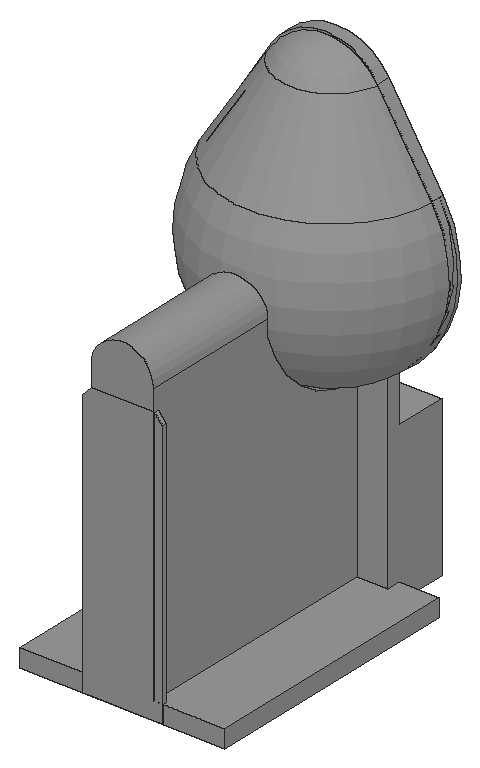
Revit family "Toilet-Willoughby-ETWS-1490-FM-FA-BS", category Plumbing Fixtures, Revit 2015
Parameters (values of type "Standard")
  Waste DIA = 2 3/8"
  Waste Connection = yes
  W-RAD [instance] = Waste DIA / 2  # 0' - 1 3/16"
  Vent Connection = no
  URL = "https://www.willoughby-ind.com/wp-content/uploads/2017/12/ETWS-1490-FM-FA.pdf"
  Type Comments = ""
  Revision = "A"
  Model = "ETWS-1490-FM-FA-BS"
  Manufacturer = "Willoughby Industries"
  HW Connection = no
  Flush inlet DIA = 1 1/2"
  Flush Inlet Connection = yes
  Fixture Body = Stainless Steel AISI 304-Willoughby
  F-RAD [instance] = Flush inlet DIA / 2  # 0' - 0 3/4"
  Description = "Floor Mounted Siphon Jet Flush Toilet"
  Default Elevation = 0' - 0"
  Contact Number = "(800) 428-4065"
  CW Connection = no
Reference planes (in)
  plane 1 "Base": y = -16.25
  plane 2: z = 0
  plane 3 "Center": x = 18.31072
  plane 4 "Seat HGT": y = -1.25
  plane 5: z = -6.75
  plane 6: y = -2.125
  plane 7: y = -14.0625
  plane 8 "Flush HGT": y = 0.5
  plane 9: x = 16.56072
  plane 10: x = 20.06072
  plane 11: x = 12.56072
  plane 12: x = 24.06072
  plane 13 "Waste HGT": y = -10.75
  plane 14: z = 8.875
Forms (in)
  Extrusion 1, solid, material "Stainless Steel AISI 304-Willoughby" <- "Fixture Body"
    sketch origin (16.08109, 7.47968, -5.1422) x (-1, 0, 0) y (0, 0, -1)
      loop
        line (1.29775, -16.80087) -> (1.29775, -5.1422) -> (-5.72963, -5.1422) -> (-5.72963, -16.81676)
        arc (-5.72963, -16.81676) -> (-8.98136, -21.11843) -> (-8.21015, -26.45542) r 7
        line (-8.21015, -26.45542) -> (-5.16818, -31.31054)
        arc (-5.16818, -31.31054) -> (-2.20225, -32.95225) -> (0.76368, -31.31054) r 3.5
        line (0.76368, -31.31054) -> (3.80565, -26.45542)
        arc (3.80565, -26.45542) -> (4.5729, -21.10311) -> (1.29775, -16.80087) r 7
      loop
        arc (2.03989, -24.70557) -> (-2.20225, -18.23804) -> (-6.44438, -24.70557) r 4.625
        line (-6.44438, -24.70557) -> (-4.04125, -30.23842)
        arc (-4.04125, -30.23842) -> (-2.20225, -31.45225) -> (-0.36324, -30.23842) r 2
        line (-0.36324, -30.23842) -> (2.03989, -24.70557)
    from 8.72968 to 9.5
  Revolve 2, solid, material "Stainless Steel AISI 304-Willoughby" <- "Fixture Body"
    sketch origin (19.37246, -1.52032, -1.93826) x (-1, 0, 0) y (0, 0, -1)
      loop
        line (1.06174, -12.59906) -> (1.06174, -12.84906)
        arc (1.06174, -12.84906) -> (6.96784, -16.33096) -> (6.78077, -23.18447) r 6.75
        line (6.78077, -23.18447) -> (3.81535, -27.91457)
        arc (3.81535, -27.91457) -> (2.63527, -29.03194) -> (1.06174, -29.43826) r 3.25
        line (1.06174, -29.43826) -> (1.06174, -29.68826)
        arc (1.06174, -29.68826) -> (2.75672, -29.25045) -> (4.02767, -28.04656) r 3.5
        line (4.02767, -28.04656) -> (7.06964, -23.19143)
        arc (7.06964, -23.19143) -> (7.15052, -16.14555) -> (1.06174, -12.59906) r 7
      axis (1.06174, -12.59906) -> (1.06174, -29.68826)
    angle from 0 to -180
  Extrusion 3, solid, material "Stainless Steel AISI 304-Willoughby" <- "Fixture Body"
    sketch origin (19.53334, -3.02032, -2.9508) x (0, 1, 0) y (0, 0, 1)
      loop
        line (-5.27082, 2.9508) -> (1, 2.9508) -> (1, 13.76086)
        arc (1, 13.76086) -> (-2.93256, 15.26109) -> (-5.27082, 18.76086) r 6.92744
        line (-5.27082, 18.76086) -> (-5.27082, 2.9508)
    from 0.52738 to -2.97262
  Extrusion 4, solid, material "Stainless Steel AISI 304-Willoughby" <- "Fixture Body"
    sketch origin (0, 14.59309, -3) x (1, 0, 0) y (0, 1, 0)
      loop
        circle (18.31072, -25.34309) r 1.1875
    from 5.5 to 3
  Extrusion 5, solid, material "Stainless Steel AISI 304-Willoughby" <- "Fixture Body"
    sketch origin (18.31072, 0, -1) x (0, 1, 0) y (0, 0, 1)
      loop
        line (-1.25, 1) -> (1.75, 1) -> (1.75, 9.875) -> (-1.25, 9.875) -> (-1.25, 1)
    from -3.52738 to 3.5
  Extrusion 6, solid, material "Stainless Steel AISI 304-Willoughby" <- "Fixture Body"
    sketch origin (0, 0, 0) x (1, 0, 0) y (0, 1, 0)
      loop
        circle (18.31072, 0.5) r 0.75
    from 0 to 1
  Extrusion 7, solid, material "Stainless Steel AISI 304-Willoughby" <- "Fixture Body"
    sketch origin (0, -16.25, 0) x (1, 0, 0) y (0, 0, 1)
      loop
        line (24.06072, 0) -> (24.06072, 1) -> (12.56072, 1) -> (12.56072, 0) -> (24.06072, 0)
    from -15 to 0
  Extrusion 8, solid, material "Stainless Steel AISI 304-Willoughby" <- "Fixture Body"
    sketch origin (0, -16.25, 2) x (1, 0, 0) y (0, 0, 1)
      loop
        line (20.06072, -2) -> (20.06072, 14.68252)
        arc (20.06072, 14.68252) -> (18.31072, 16.43252) -> (16.56072, 14.68252) r 1.75
        line (16.56072, 14.68252) -> (16.56072, -2) -> (20.06072, -2)
    from 0 to -7.95886
  Extrusion 9, solid, material "Stainless Steel AISI 304-Willoughby" <- "Fixture Body"
    sketch origin (0, -16.25, 0) x (1, 0, 0) y (0, 0, 1)
      loop
        line (20.06072, 0) -> (20.56072, 0) -> (20.56072, 15) -> (20.06072, 15.5) -> (16.56072, 15.5) -> (16.06072, 15) -> (16.06072, 0) -> (16.56072, 0) -> (20.06072, 0)
    from 0 to -0.25
Cuts and joins
  joined: Extrusion 1, Extrusion 3, Extrusion 5, Extrusion 7, Extrusion 8
Lines and regions (in)
  symbolic lines
    curve 1: line (11.28334, -2.02032, 0) -> (11.28334, -1.25, 0)
    curve 2: line (11.28334, -1.25, 0) -> (25.28334, -1.25, 0)
    curve 3: line (25.28334, -1.25, 0) -> (25.28334, -2.02032, 0)
    curve 4: arc (25.28334, -2.02032, 0) -> (23.10884, -6.6633, 0) -> (18.31072, -8.46988, 0) r 6.80317
    curve 5: arc (18.31072, -8.46988, 0) -> (13.52391, -6.63228, 0) -> (11.28334, -2.02032, 0) r 6.98154
    curve 6: line (24.06072, -5.57312, 0) -> (24.06072, -16.25, 0)
    curve 7: line (24.06072, -16.25, 0) -> (12.56072, -16.25, 0)
    curve 8: line (12.56072, -16.25, 0) -> (12.56072, -5.54271, 0)
    curve 9: line (20.06072, -8.28823, 0) -> (20.06072, -16.25, 0)
    curve 10: line (16.56072, -8.26408, 0) -> (16.56072, -16.25, 0)
    curve 11: line (16.56072, -16, 0) -> (16.06072, -16, 0)
    curve 12: line (16.06072, -16, 0) -> (16.06072, -16.25, 0)
    curve 13: line (20.06072, -16, 0) -> (20.56072, -16, 0)
    curve 14: line (20.56072, -16, 0) -> (20.56072, -16.25, 0)
    curve 15: line (14.78334, -16.25, 11.65867) -> (14.78334, -16.25, 0)
    curve 16: line (21.81072, -16.25, 11.67456) -> (21.81072, -16.25, 0)
    curve 17: line (21.81072, -16.25, 0) -> (14.78334, -16.25, 0)
    curve 18: line (14.78334, -16.25, 1) -> (12.56072, -16.25, 1)
    curve 19: line (12.56072, -16.25, 1) -> (12.56072, -16.25, 0)
    curve 20: line (21.81072, -16.25, 1) -> (24.06072, -16.25, 1)
    curve 21: line (24.06072, -16.25, 1) -> (24.06072, -16.25, 0)
    curve 23: arc (21.81072, -16.25, 11.67456) -> (25.08309, -16.25, 15.93539) -> (24.31862, -16.25, 21.25317) r 6.91677
    curve 24: line (24.31862, -16.25, 21.25317) -> (21.25205, -16.25, 26.1639)
    curve 25: arc (21.25205, -16.25, 26.1639) -> (19.99152, -16.25, 27.34663) -> (18.31072, -16.25, 27.75) r 3.3743
    curve 26: arc (18.31072, -16.25, 27.75) -> (16.6278, -16.25, 27.31167) -> (15.31741, -16.25, 26.16835) r 3.79289
    curve 27: line (15.31741, -16.25, 26.16835) -> (12.35249, -16.25, 21.43905)
    curve 28: arc (12.35249, -16.25, 21.43905) -> (11.49002, -16.25, 16.03241) -> (14.78334, -16.25, 11.65867) r 7
    curve 34: line (18.31072, -8.46852, 18.44021) -> (18.31072, -16.25, 18.44021)
    curve 35: line (18.31072, -16.25, 18.44021) -> (18.31072, -16.25, 0)
    curve 36: line (18.31072, -16.25, 0) -> (18.31072, 1.75, 0)
    curve 37: line (18.31072, 1.75, 0) -> (18.31072, 1.75, 8.875)
    curve 38: line (18.31072, 1.75, 8.875) -> (18.31072, -1.25, 8.875)
    curve 39: line (18.31072, -1.25, 8.875) -> (18.31072, -1.25, 27.81005)
    curve 40: line (18.31072, -1.25, 27.81005) -> (18.31072, -2.02032, 27.81005)
    curve 41: arc (18.31072, -2.02032, 27.81005) -> (18.31072, -3.34572, 27.26246) -> (18.31072, -4.38505, 26.27438) r 3.91547
    curve 42: line (18.31072, -4.38505, 26.27438) -> (18.31072, -7.52822, 21.25317)
    curve 43: arc (18.31072, -7.52822, 21.25317) -> (18.31072, -8.16561, 19.90259) -> (18.31072, -8.46852, 18.44021) r 6.32393
    curve 44: arc (18.31072, -8.29114, 15.81005) -> (18.31072, -8.29902, 17.13058) -> (18.31072, -8.46852, 18.44021) r 10.76525
    curve 45: arc (18.31072, -8.29114, 15.81005) -> (18.31072, -5.95289, 12.31029) -> (18.31072, -2.02032, 10.81005) r 6.92744
    curve 46: line (18.31072, -2.02032, 10.81005) -> (18.31072, -2.02032, 11.65867)
    curve 47: line (18.31072, -2.02032, 11.65867) -> (18.31072, -1.25, 11.65867)
    curve 48: line (18.31072, -2.02032, 10.81005) -> (18.31072, -2.02032, 1)
    curve 49: line (18.31072, -1.25, 0) -> (18.31072, -1.25, 1)
    curve 50: line (18.31072, -1.25, 1) -> (18.31072, -16.25, 1)
  symbolic lines, detail levels medium+fine
    curve 22: line (21.81072, -16.25, 8.875) -> (14.78334, -16.25, 8.875)
  symbolic lines, detail levels fine
    curve 29: arc (14.0412, -16.25, 19.56337) -> (18.28334, -16.25, 13.09585) -> (22.52547, -16.25, 19.56337) r 4.625
    curve 30: line (22.52547, -16.25, 19.56337) -> (20.12234, -16.25, 25.09622)
    curve 31: arc (20.12234, -16.25, 25.09622) -> (19.38317, -16.25, 25.97635) -> (18.28334, -16.25, 26.31005) r 2.01767
    curve 32: arc (18.28334, -16.25, 26.31005) -> (17.17969, -16.25, 25.98213) -> (16.44433, -16.25, 25.09622) r 1.9827
    curve 33: line (16.44433, -16.25, 25.09622) -> (14.0412, -16.25, 19.56337)
Dimensions and locks (in)
  plane 1 "Base" to plane 4 "Seat HGT" = 1' - 3"
  plane 13 "Waste HGT" to plane 1 "Base" = 0' - 5 1/2"
  plane 1 "Base" to plane 13 "Waste HGT" = 0' - 5 1/2"
  plane 1 "Base" to plane 8 "Flush HGT" = 1' - 4 3/4"
  plane 11 to plane 12 = 0' - 11 1/2"
  plane 11 to plane 3 "Center" = 0' - 5 3/4"
  "W-RAD": radius of Extrusion 4 sketch curve
  "F-RAD": radius of Extrusion 6 sketch curve
  aligned and locked: plane 3 "Center" to Extrusion 4 sketch curve
  aligned and locked: plane 8 "Flush HGT" to Extrusion 6 sketch curve
  aligned and locked: plane 3 "Center" to Extrusion 6 sketch curve
  aligned and locked: plane 13 "Waste HGT" to Extrusion 4 sketch curve
  aligned and locked: level to cut or joined group of Extrusion 1, Extrusion 3, Extrusion 5, Extrusion 7, Extrusion 8
  aligned and locked: cut or joined group of Extrusion 1, Extrusion 3, Extrusion 5, Extrusion 7, Extrusion 8 to cut or joined group of Extrusion 1, Extrusion 3, Extrusion 5, Extrusion 7, Extrusion 8  (x2)
  aligned and locked: cut or joined group of Extrusion 1, Extrusion 3, Extrusion 5, Extrusion 7, Extrusion 8 to Extrusion 4
Automatic sketch dimensions
  Extrusion 1 sketch curve to Extrusion 1 sketch curve = 0' - 0"  (x8)
  level to Extrusion 1 sketch curve = 0' - 0"
  plane 3 "Center" to Extrusion 1 sketch curve = 0' - 5.98052"
  Extrusion 1 sketch curve to Extrusion 1 sketch curve = 0' - 1.76576"  (x2)
  plane 3 "Center" to Extrusion 1 sketch curve = 0' - 3 1/2"
  plane 3 "Center" to Extrusion 1 sketch curve = 0' - 2.93855"
  Extrusion 1 sketch curve to Extrusion 1 sketch curve = 0' - 1.12693"  (x2)
  Extrusion 1 sketch curve to plane 3 "Center" = 0' - 0.02738"  (x2)
  Extrusion 1 sketch curve to plane 3 "Center" = 0' - 1.86639"
  Extrusion 1 sketch curve to plane 3 "Center" = 0' - 3.52738"
  Extrusion 1 sketch curve to plane 3 "Center" = 0' - 4 69/256"
  Extrusion 1 sketch curve to Extrusion 1 sketch curve = 0' - 11.65867"
  Extrusion 1 sketch curve to Extrusion 1 sketch curve = 0' - 0.01589"
  Extrusion 1 sketch curve to Extrusion 1 sketch curve = 0' - 6.06218"
  Extrusion 1 sketch curve to Extrusion 1 sketch curve = 0' - 1.74985"
  Extrusion 1 sketch curve to Extrusion 1 sketch curve = 0' - 4.74668"
  Extrusion 1 sketch curve to Extrusion 1 sketch curve = 0' - 0.78617"
  Extrusion 1 sketch curve to Extrusion 1 sketch curve = 0' - 1.07212"
  Revolve 2 sketch curve to Revolve 2 sketch curve = 0' - 0"  (x2)
  Revolve 2 sketch curve to plane 3 "Center" = 0' - 0"  (x3)
  plane 3 "Center" to Revolve 2 sketch curve = 0' - 0"
  Revolve 2 sketch curve to plane 3 "Center" = 0' - 2.75361"
  Revolve 2 sketch curve to Revolve 2 sketch curve = 0' - 0.21232"
  Revolve 2 sketch curve to Revolve 2 sketch curve = 0' - 2.96542"
  Revolve 2 sketch curve to Revolve 2 sketch curve = 0' - 0.28887"
  level to Revolve 2 sketch curve = 2' - 3 3/4"
  Revolve 2 sketch curve to Revolve 2 sketch curve = 0' - 0 1/4"
  Revolve 2 sketch curve to Revolve 2 sketch curve = 0' - 1.3917"
  Revolve 2 sketch curve to Revolve 2 sketch curve = 0' - 0.13199"
  Revolve 2 sketch curve to Revolve 2 sketch curve = 0' - 4.85513"
  Revolve 2 sketch curve to Revolve 2 sketch curve = 0' - 0.00696"
  Revolve 2 sketch curve to Revolve 2 sketch curve = 0' - 3 1/4"
  Revolve 2 sketch curve to Revolve 2 sketch curve = 0' - 3.3392"
  Revolve 2 sketch curve to Revolve 2 sketch curve = 0' - 2.4108"
  level to Extrusion 3 sketch curve = 0' - 0"
  plane 6 to Extrusion 3 sketch curve = 0' - 0.10468"
  plane 4 "Seat HGT" to Extrusion 3 sketch curve = 0' - 0.38413"
  Extrusion 3 sketch curve to Extrusion 3 sketch curve = 0' - 10.81005"
  Extrusion 3 sketch curve to Extrusion 3 sketch curve = 0' - 5"
  Extrusion 5 sketch curve to level = 0' - 0"
  Extrusion 5 sketch curve to plane 4 "Seat HGT" = 0' - 0"
  Extrusion 5 sketch curve to plane 8 "Flush HGT" = 0' - 1 1/4"
  level to Extrusion 5 sketch curve = 0' - 8 7/8"
  Extrusion 7 sketch curve to level = 0' - 0"
  level to Extrusion 7 sketch curve = 0' - 1"
  plane 11 to Extrusion 7 sketch curve = 0' - 0"
  Extrusion 7 sketch curve to plane 12 = 0' - 0"
  level to Extrusion 8 sketch curve = 0' - 0"
  Extrusion 8 sketch curve to plane 10 = 0' - 0"
  level to Extrusion 8 sketch curve = 1' - 4.68252"
  plane 9 to Extrusion 8 sketch curve = 0' - 0"
  Extrusion 3 sketch curve to Extrusion 3 sketch curve = 0' - 6.27082"
  Extrusion 9 sketch curve to level = 0' - 0"
  Extrusion 9 sketch curve to plane 9 = 0' - 0"  (x2)
  Extrusion 9 sketch curve to plane 10 = 0' - 0"  (x2)
  Extrusion 9 sketch curve to Extrusion 9 sketch curve = 0' - 0 1/2"  (x3)
  plane 10 to Extrusion 9 sketch curve = 0' - 0 1/2"
  plane 14 to Extrusion 9 sketch curve = 0' - 6 1/8"
  plane 4 "Seat HGT" to curve 1 = 0' - 0"
  plane 1 "Base" to curve 7 = 0' - 0"
  curve 7 to plane 11 = 0' - 0"
  curve 10 to plane 9 = 0' - 0"
  curve 5 to plane 3 "Center" = 0' - 0"
  curve 13 to plane 10 = 0' - 0"
  curve 6 to plane 12 = 0' - 0"
  plane 6 to curve 1 = 0' - 0.10468"
  curve 1 to plane 11 = 0' - 1.27738"
  curve 5 to plane 3 "Center" = 0' - 0.06612"
  plane 3 "Center" to curve 4 = 0' - 0.17853"
  curve 14 to plane 1 "Base" = 0' - 0 1/4"
  plane 10 to curve 14 = 0' - 0 1/2"
  plane 6 to curve 3 = 0' - 0.10468"
  plane 12 to curve 3 = 0' - 1.22262"
  plane 4 "Seat HGT" to curve 4 = 0' - 0.41905"
  curve 12 to plane 9 = 0' - 0 1/2"
  curve 10 to curve 11 = 0' - 0 1/4"
  curve 28 to curve 29 = 0' - 0"  (x2)
  curve 19 to plane 11 = 0' - 0"
  curve 15 to level = 0' - 0"
  curve 22 to plane 14 = 0' - 0"
  curve 26 to plane 3 "Center" = 0' - 0"
  curve 25 to plane 3 "Center" = 0' - 0"
  curve 21 to plane 12 = 0' - 0"
  curve 21 to level = 0' - 0"
  curve 19 to level = 0' - 0"
  curve 27 to plane 11 = 0' - 0.20823"
  curve 15 to plane 9 = 0' - 1.77738"
  curve 27 to plane 9 = 0' - 1.24331"
  curve 31 to plane 3 "Center" = 0' - 0.03902"
  curve 31 to curve 32 = 0' - 0.0002"
  curve 28 to plane 3 "Center" = 0' - 0.02738"
  plane 3 "Center" to curve 25 = 0' - 0.07924"
  plane 3 "Center" to curve 23 = 0' - 0.08114"
  plane 3 "Center" to curve 26 = 0' - 0.08907"
  plane 10 to curve 30 = 0' - 0.06162"
  plane 10 to curve 24 = 0' - 1.19133"
  plane 10 to curve 16 = 0' - 1 3/4"
  curve 30 to plane 12 = 0' - 1.53525"
  plane 12 to curve 24 = 0' - 0.2579"
  level to curve 18 = 0' - 1"
  curve 21 to curve 21 = 0' - 1"
  plane 14 to curve 15 = 0' - 2.78367"
  plane 14 to curve 16 = 0' - 2.79956"
  curve 16 to curve 23 = 0' - 6.01275"
  curve 23 to curve 29 = 0' - 0.03353"
  curve 30 to curve 23 = 0' - 1.6898"
  curve 30 to curve 26 = 0' - 4.39478"
  curve 26 to curve 31 = 0' - 0.33426"
  curve 31 to curve 32 = 0' - 0.03496"
  curve 32 to curve 25 = 0' - 0.04925"
  curve 30 to curve 25 = 0' - 1.06768"
  plane 11 to curve 33 = 0' - 1 123/256"
  curve 32 to plane 9 = 0' - 0.11639"
  curve 32 to curve 31 = 0' - 0"
  curve 50 to plane 1 "Base" = 0' - 0"
  curve 47 to plane 4 "Seat HGT" = 0' - 0"
  curve 49 to plane 4 "Seat HGT" = 0' - 0"
  curve 37 to plane 14 = 0' - 0"
  curve 37 to level = 0' - 0"
  plane 1 "Base" to curve 44 = 0' - 2.78986"
  plane 13 "Waste HGT" to curve 34 = 0' - 2.28148"
  curve 43 to curve 42 = 0' - 0.9403"
  curve 42 to plane 6 = 0' - 2.26005"
  curve 43 to plane 6 = 0' - 0.0429"
  plane 6 to curve 40 = 0' - 0.10468"
  plane 6 to curve 48 = 0' - 0.10468"
  plane 4 "Seat HGT" to curve 45 = 0' - 0.38413"
  curve 41 to plane 4 "Seat HGT" = 0' - 0.0368"
  curve 37 to plane 8 "Flush HGT" = 0' - 1 1/4"
  plane 14 to curve 48 = 0' - 1.93505"
  curve 46 to curve 47 = 0' - 0.84862"
  plane 14 to curve 44 = 0' - 7.53121"
  curve 47 to curve 45 = 0' - 6.06805"
  curve 45 to curve 43 = 0' - 0.171"
  curve 44 to curve 34 = 0' - 2.034"
  curve 43 to curve 41 = 0' - 6.08095"
  curve 41 to curve 42 = 0' - 2.29571"
  curve 49 to curve 50 = 0' - 1"
Connectors (in)
  piping at (18.31072, -10.75, 0), diameter 2.375, driven by "W-RAD", driven by "Waste Connection"
    settings: on Extrusion 4, index 1, connector inside diameter 2 1/2", connector length 0' - 0", flow factor 0, pipe flow 0 GPM, pressure drop 0.00 psi, fitting loss kfactor 0, connector angle 0.00°, fixture units 0, engagement length 0' - 0", angle of deflection 0.00°, flow configuration 0, flow direction 2, fitting loss method 0, system type 16, joint type 0, gender type 0, connector reference index -1, connector utility 1, adjustable connector yes, is connector primary yes, connector description "Toilet Waste"
  piping at (18.31072, 0.5, 1), diameter 1.5, driven by "F-RAD", driven by "Flush Inlet Connection"
    settings: on Extrusion 6, index 2, connector inside diameter 1 1/2", connector length 0' - 0", flow factor 0, pipe flow 0 GPM, pressure drop 0.00 psi, fitting loss kfactor 0, connector angle 0.00°, fixture units 0, engagement length 0' - 0", angle of deflection 0.00°, flow configuration 0, flow direction 1, fitting loss method 0, system type 20, joint type 0, gender type 0, connector reference index -1, connector utility 1, adjustable connector no, is connector primary no, connector description "Flush Inlet"
